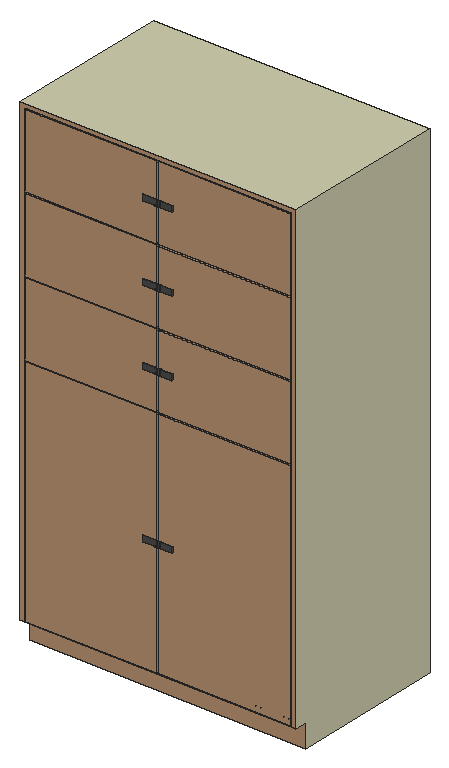
Revit family "Cabinet_Wenger_UltraStor_36", category Furniture, Revit 2015
Parameters (values of type "UltraStor Cabinet #36 - Comp Wood Doors")
  URL = "https://www.wengercorp.com/"
  Type Comments = ""
  Specification = "http://www.arcat.com/sdspecs/htm04/12_35_83wen.htm"
  Shelf Thickness = 0' - 1 1/8"
  Sales Information = "https://www.wengercorp.com/contact-us.php"
  Revision = "R1_2018-04"
  Rear Panel Thickness = 0' - 0 3/4"
  Product Data = "http://www.arcat.com/arcatcos/cos36/arc36487.html"
  Manufacturer Website = "https://www.wengercorp.com/"
  Manufacturer Phone - Toll Free = "800-4WENGER"
  Manufacturer Phone = "(507) 455-4100"
  Manufacturer Fax = "(507) 455-4258"
  Manufacturer Address = "555 Park Dr., Owatonna, MN 55060"
  Keynote = "12 35 83"
  HasDoors = yes
  Green Building-LEED = "http://www.arcat.com/green/clients/leed_data_36487.html"
  Drawn By = "Sumex Design, Inc. / Robert S. Weygant, CSI, CDT, SCIP"
  Door Width = (Cabinet Width - 0' 1 5/8") / 2  # 1' - 11 7/16"
  Door Style = Door_Base : Solid Door
  Door Material [instance] = Wenger Cherry (Use Cherry Edge Band Only)
  Door Height = 1' - 1 1/4"
  Toe Kick Material [instance] = Wenger Cherry (Use Cherry Edge Band Only)
  RH End Panel [instance] = no
  Model = "#36"
  Manufacturer = "Wenger Corporation"
  LH End Panel [instance] = no
  End Panel Material [instance] = Wenger Cherry (Use Cherry Edge Band Only)
  Edge Banding Material [instance] = Wenger Cherry (Use Cherry Edge Band Only)
  Cost = 0
  Copyright = "© 2018 Arcat Inc."
  Construction Details = "http://www.arcat.com/details/wengerco/wengerco.html?coid=36487"
  Body Material [instance] = Wenger - Oyster
  Description = "Wenger UltraStor Cabinet #36 - Comp Wood Doors"
  Cabinet Width = 4' - 0 1/2"
  Cabinet Height = 7' - 1 5/8"
  Installed Depth = 2' - 5 1/4"
  Cabinet Panel Thickness = 0' - 0 3/4"
  Assembly Code = "E2010200"
Types (4): name | HasDoors | Door Style | Door Material | Description
  UltraStor Cabinet #36 - No Doors | no | Door_Base : Solid Door | none | "Wenger UltraStor Cabinet #36 - No Doors"
  UltraStor Cabinet #36 - Comp Wood Doors | yes | Door_Base : Solid Door | Wenger Cherry (Use Cherry Edge Band Only) | "Wenger UltraStor Cabinet #36 - Comp Wood Doors"
  UltraStor Cabinet #36 - Comp Grille Doors | yes | Door_Base : Bars | Painted Black | "Wenger UltraStor Cabinet #36 - Comp Grille Doors"
  UltraStor Cabinet #36 - Comp Waterfall Grille Doors | yes | Door_Base : Waterfall | Painted Black | "Wenger UltraStor Cabinet #36 - Comp Waterfall Grille Doors"
Reference planes (in)
  plane 1 "Front": y = 0
  plane 2: z = 0
  plane 3 "Left": x = 0
  plane 4 "Right": x = 48.5
  plane 5 "Back": y = 29.25
  plane 6 "Top": z = 85.625
  plane 7: z = 4
  plane 8: z = 45.125
  plane 9: z = 58.375
  plane 10: z = 71.625
  plane 11: x = 0.75
  plane 12: x = 47.75
  plane 13: z = 84.875
  plane 14: x = 24.1875
  plane 15: x = 23.5625
  plane 16: x = 24.3125
  plane 17: y = 28.5
  plane 18: y = 2
  plane 19: y = 0.75
  plane 20: z = 46.25
  plane 21: z = 59.5
  plane 22: z = 72.75
  plane 23: z = 5.125
Forms (in)
  Extrusion 1, solid, material "Wenger - Oyster" <- "Body Material"
    sketch origin (0, 0, 0) x (0, 1, 0) y (0, 0, 1)
      loop
        line (0, 85.625) -> (0, 4) -> (2, 4) -> (2, 0) -> (29.25, 0) -> (29.25, 85.625) -> (0, 85.625)
    from 0 to 48.5
  Extrusion 2, void
    sketch origin (0, 0, 0) x (0, 1, 0) y (0, 0, 1)
      loop
        line (0, 84.875) -> (0, 45.125) -> (0.75, 45.125)
        arc (0.75, 45.125) -> (1.15915, 45.92734) -> (2, 46.25) r 1.25694
        line (2, 46.25) -> (28.5, 46.25) -> (28.5, 58.375) -> (0.75, 58.375)
        arc (0.75, 58.375) -> (1.15915, 59.17734) -> (2, 59.5) r 1.25694
        line (2, 59.5) -> (28.5, 59.5) -> (28.5, 71.625) -> (0.75, 71.625)
        arc (0.75, 71.625) -> (1.15915, 72.42734) -> (2, 72.75) r 1.25694
        line (2, 72.75) -> (28.5, 72.75) -> (28.5, 84.875) -> (0, 84.875)
    from 0.75 to 47.75
  Extrusion 3, void
    sketch origin (0, 0, 0) x (0, 1, 0) y (0, 0, 1)
      loop
        line (0, 84.875) -> (0, 4) -> (0.0625, 4) -> (0.0625, 84.875) -> (0, 84.875)
    from 0.75 to 47.75
  Extrusion 4, void
    sketch origin (0, 0, 0) x (1, 0, 0) y (0, 0, 1)
      loop
        line (0.75, 45.125) -> (0.75, 5.125) -> (47.75, 5.125) -> (47.75, 45.125) -> (0.75, 45.125)
    from -28.5 to 0
  Extrusion 5, solid, material "Metal_Black", detail levels fine
    sketch origin (0, 0, 0) x (0, 1, 0) y (0, 0, 1)
      loop
        line (14.94401, 42.07141) -> (15.01823, 42.07141) -> (15.01823, 43.32141) -> (14.39951, 43.32141) -> (14.18051, 42.94209) -> (14.24479, 42.90498) -> (14.44236, 43.24719) -> (14.94401, 43.24719) -> (14.94401, 42.07141)
    from 0.75 to 47.75
Cuts and joins
  Extrusion 2, Extrusion 3, Extrusion 4 cuts Extrusion 1
Lines and regions (in)
  Masking region 1
    outline origin (0, 0, 0) x (1, 0, 0) y (0, 1, 0)
      loop
        line (0, 29.25) -> (0, 0) -> (48.5, 0) -> (48.5, 29.25) -> (0, 29.25)
Dimensions and locks (in)
  "Cabinet Panel Thickness": plane 3 "Left" to plane 11
  "Cabinet Panel Thickness": plane 12 to plane 4 "Right"
  "Cabinet Panel Thickness": plane 5 "Back" to plane 17
  locked: plane 1 "Front" to plane 19 at 0.75
  locked: plane 1 "Front" to plane 18 at 2
  "Shelf Thickness": plane 20 to plane 8
  "Shelf Thickness": plane 21 to plane 9
  "Shelf Thickness": plane 22 to plane 10
  "Cabinet Panel Thickness": plane 6 "Top" to plane 13
  equal spacing: plane 13, plane 10, plane 9, plane 8
  "Shelf Thickness": plane 23 to plane 7
  "Cabinet Width": plane 3 "Left" to plane 4 "Right"
  locked: plane 7 to level at 4
  "Cabinet Height": plane 6 "Top" to level
  "Installed Depth": plane 1 "Front" to plane 5 "Back"
  "Door Width": plane 14 to plane 11
  "Door Width": plane 12 to plane 16
  plane 3 "Left" to plane 4 "Right" = 4' - 0 1/2"
  locked: plane 16 to plane 15 at 0.75
  equal spacing: plane 3 "Left", nested 2, plane 4 "Right"
  equal spacing: plane 5 "Back", nested 2, plane 1 "Front"
  aligned and locked: Extrusion 1 sketch curve to plane 6 "Top"
  aligned and locked: Extrusion 1 sketch curve to plane 5 "Back"
  aligned and locked: Extrusion 1 sketch curve to plane 1 "Front"
  aligned and locked: Extrusion 1 sketch curve to plane 7
  aligned and locked: Extrusion 1 sketch curve to plane 18
  aligned and locked: Extrusion 1 sketch curve to level
  aligned and locked: Extrusion 1 to plane 4 "Right"
  aligned and locked: Extrusion 1 to plane 3 "Left"
  aligned and locked: Extrusion 2 sketch curve to plane 13
  aligned and locked: Extrusion 2 sketch curve to plane 17
  aligned and locked: Extrusion 2 sketch curve to plane 10
  aligned and locked: Extrusion 2 sketch curve to plane 21
  aligned and locked: Extrusion 2 sketch curve to plane 9
  aligned and locked: Extrusion 2 sketch curve to plane 20
  aligned and locked: Extrusion 2 sketch curve to plane 8
  aligned and locked: Extrusion 2 sketch curve to plane 22
  aligned and locked: Extrusion 2 to plane 11
  aligned and locked: Extrusion 3 sketch curve to cut or joined group of Extrusion 1, Extrusion 2, Extrusion 3, Extrusion 4  (x3)
  aligned and locked: Extrusion 3 to plane 12
  aligned and locked: Extrusion 3 to plane 11
  aligned and locked: nested 3 to plane 11
  aligned and locked: nested 3 to plane 10
  aligned and locked: cut or joined group of Extrusion 1, Extrusion 2, Extrusion 3, Extrusion 4 to plane 10
  aligned and locked: nested 4 to plane 9
  aligned and locked: nested 5 to plane 8
  aligned and locked: nested 4 to plane 11
  aligned and locked: nested 5 to plane 11
  aligned and locked: nested 6 to plane 11
  aligned and locked: plane 7 to cut or joined group of Extrusion 1, Extrusion 2, Extrusion 3, Extrusion 4
  aligned and locked: nested 6 to plane 7
  aligned and locked: plane 1 "Front" to nested 7
  aligned and locked: nested 7 to level
  aligned and locked: nested 7 to plane 4 "Right"
  aligned and locked: Masking region 1 sketch curve to plane 5 "Back"
  aligned and locked: Masking region 1 sketch curve to plane 1 "Front"
  aligned and locked: plane 3 "Left" to Masking region 1 sketch curve
  aligned and locked: plane 4 "Right" to Masking region 1 sketch curve
  aligned and locked: plane 8 to nested 6
  aligned and locked: Extrusion 4 sketch curve to nested 6  (x2)
  aligned and locked: Extrusion 4 sketch curve to plane 23
  aligned and locked: plane 12 to Extrusion 4 sketch curve
  aligned and locked: plane 17 to Extrusion 4
  aligned and locked: plane 1 "Front" to Extrusion 4
  aligned and locked: cut or joined group of Extrusion 1, Extrusion 2, Extrusion 3, Extrusion 4 to plane 12
  aligned and locked: plane 18 to Extrusion 2 sketch curve  (x3)
  aligned and locked: plane 19 to Extrusion 2 sketch curve  (x3)
  aligned and locked: plane 1 "Front" to Extrusion 2 sketch curve
  aligned and locked: plane 17 to Extrusion 2 sketch curve  (x2)
  aligned and locked: Extrusion 5 to plane 12
  aligned and locked: Extrusion 5 to plane 11
  aligned and locked: nested 11 to plane 10
  aligned and locked: nested 11 to plane 12
  aligned and locked: nested 10 to plane 9
  aligned and locked: nested 10 to plane 12
  aligned and locked: nested 9 to plane 12
  aligned and locked: nested 9 to plane 8
  aligned and locked: nested 8 to plane 12
  aligned and locked: nested 8 to plane 7
  aligned and locked: nested 8 to plane 8
Automatic sketch dimensions
  plane 19 to Extrusion 3 sketch curve = 0' - 0 11/16"
  Extrusion 5 sketch curve to plane 8 = 0' - 2.18291"
  Extrusion 5 sketch curve to plane 18 = 1' - 0.18051"
  Extrusion 5 sketch curve to plane 8 = 0' - 2.22002"
  Extrusion 5 sketch curve to Extrusion 5 sketch curve = 0' - 0.06428"
  Extrusion 5 sketch curve to plane 8 = 0' - 1.80359"
  Extrusion 5 sketch curve to Extrusion 5 sketch curve = 0' - 0.04285"
  Extrusion 5 sketch curve to Extrusion 5 sketch curve = 0' - 0.50165"
  Extrusion 5 sketch curve to Extrusion 5 sketch curve = 0' - 0 19/256"
  Extrusion 5 sketch curve to Extrusion 5 sketch curve = 0' - 0.83357"
Nested families (in)
  nested 1: "End Panel" at (0, 14.25, 0) x (0, -1, 0) z (0, 0, 1), End Panel Material <- "End Panel Material", visible <- "LH End Panel", Edge Banding Material <- "Edge Banding Material", type "End Panel"
    with End Panel Material Wenger Cherry (Use Cherry Edge Band Only), Edge Banding Material Wenger Cherry (Use Cherry Edge Band Only), End Panel Depth 2' - 5 1/4"
  nested 2: "Labels" at (24.25, 14.625, 0), type "Labels"
  nested 3: "Door_Base" at (12.46875, 0, 71.625) x (1, 0, 0) z (0, -1, 0), type <- "Door Style", Width <- "Door Width", visible <- "HasDoors", Height <- "Door Height", type "Solid Door", detail levels medium+fine
    with vBars 21, Width 1' - 11 7/16", ToeKick Height 0' - 4", MidBar no, Height 1' - 1 1/4", BarHt 1' - 0 3/4", 2HzBars no
  nested 4: "Door_Base" at (12.46875, 0, 58.375) x (1, 0, 0) z (0, -1, 0), type <- "Door Style", Width <- "Door Width", visible <- "HasDoors", Height <- "Door Height", type "Solid Door", detail levels medium+fine
    with vBars 21, Width 1' - 11 7/16", ToeKick Height 0' - 4", MidBar no, Height 1' - 1 1/4", BarHt 1' - 0 3/4", 2HzBars no
  nested 5: "Door_Base" at (12.46875, 0, 45.125) x (1, 0, 0) z (0, -1, 0), type <- "Door Style", Width <- "Door Width", visible <- "HasDoors", Height <- "Door Height", type "Solid Door", detail levels medium+fine
    with vBars 21, Width 1' - 11 7/16", ToeKick Height 0' - 4", MidBar no, Height 1' - 1 1/4", BarHt 1' - 0 3/4", 2HzBars no
  nested 6: "Door_Base" at (12.46875, 0, 4) x (1, 0, 0) z (0, -1, 0), type <- "Door Style", visible <- "HasDoors", Width <- "Door Width", type "Solid Door", detail levels medium+fine
    with vBars 21, Width 1' - 11 7/16", ToeKick Height 0' - 4", MidBar no, Height 3' - 5 1/8", BarHt 3' - 4 5/8", 2HzBars no
  nested 7: "End Panel" at (49.25, 14.25, 0) x (0, -1, 0) z (0, 0, 1), End Panel Material <- "End Panel Material", Edge Banding Material <- "Edge Banding Material", visible <- "RH End Panel", type "End Panel"
    with End Panel Material Wenger Cherry (Use Cherry Edge Band Only), Edge Banding Material Wenger Cherry (Use Cherry Edge Band Only), End Panel Depth 2' - 5 1/4"
  nested 8: "Door_Base" at (36.03125, 0, 45.125) x (-1, 0, 0) z (0, -1, 0), type <- "Door Style", Width <- "Door Width", visible <- "HasDoors", type "Solid Door"
    with vBars 21, Width 1' - 11 7/16", ToeKick Height 0' - 4", MidBar no, Height 3' - 5 1/8", BarHt 3' - 4 5/8", 2HzBars no
  nested 9: "Door_Base" at (36.03125, 0, 58.375) x (-1, 0, 0) z (0, -1, 0), type <- "Door Style", Width <- "Door Width", Height <- "Door Height", visible <- "HasDoors", type "Solid Door"
    with vBars 21, Width 1' - 11 7/16", ToeKick Height 0' - 4", MidBar no, Height 1' - 1 1/4", BarHt 1' - 0 3/4", 2HzBars no
  nested 10: "Door_Base" at (36.03125, 0, 71.625) x (-1, 0, 0) z (0, -1, 0), type <- "Door Style", Width <- "Door Width", Height <- "Door Height", visible <- "HasDoors", type "Solid Door"
    with vBars 21, Width 1' - 11 7/16", ToeKick Height 0' - 4", MidBar no, Height 1' - 1 1/4", BarHt 1' - 0 3/4", 2HzBars no
  nested 11: "Door_Base" at (36.03125, 0, 84.875) x (-1, 0, 0) z (0, -1, 0), type <- "Door Style", Width <- "Door Width", Height <- "Door Height", visible <- "HasDoors", type "Solid Door"
    with vBars 21, Width 1' - 11 7/16", ToeKick Height 0' - 4", MidBar no, Height 1' - 1 1/4", BarHt 1' - 0 3/4", 2HzBars no
Definition of nested family "End Panel"
  Parameters (values of type "End Panel")
    End Panel Material [instance] = none
    End Panel Height = 7' - 1 5/8"
    End Panel Depth = 1' - 9 3/4"
    Edge Banding Material [instance] = none
    Default Elevation = 4' - 0"
    Assembly Code = ""
  Reference planes (in)
    plane 1 "Center (Front/Back)": y = 0
    plane 2: z = 0
    plane 3 "Center (Left/Right)": x = 0
    plane 4: x = -15
    plane 5: x = 6.75
    plane 6: z = 4
    plane 7: x = 4.75
    plane 8: z = 85.625
    plane 9: y = -0.75
  Forms (in)
    Extrusion 1, solid, material <- "End Panel Material"
      sketch origin (0, 0, 0) x (1, 0, 0) y (0, 0, 1)
        loop
          line (-15, 85.625) -> (-15, 0) -> (4.75, 0) -> (4.75, 4) -> (6.75, 4) -> (6.75, 85.625) -> (-15, 85.625)
      from 0 to 0.75
  Lines and regions (in)
    Masking region 1, detail levels coarse+medium
      outline origin (0, 0, 0) x (1, 0, 0) y (0, 1, 0)
        loop
          line (-15, 0) -> (-15, -0.75) -> (6.75, -0.75) -> (6.75, 0) -> (-15, 0)
  Dimensions and locks (in)
    locked: plane 7 to plane 5 at 2
    locked: plane 6 to level at 4
    "End Panel Height": plane 8 to level
    "End Panel Depth": plane 5 to plane 4
    locked: plane 9 to plane 1 "Center (Front/Back)" at 0.75
    aligned and locked: plane 4 to Extrusion 1 sketch curve
    aligned and locked: level to Extrusion 1 sketch curve
    aligned and locked: plane 7 to Extrusion 1 sketch curve
    aligned and locked: plane 6 to Extrusion 1 sketch curve
    aligned and locked: Extrusion 1 sketch curve to plane 5
    aligned and locked: Extrusion 1 sketch curve to plane 8
    aligned and locked: Extrusion 1 to plane 9
    aligned and locked: Extrusion 1 to plane 1 "Center (Front/Back)"
    aligned and locked: plane 4 to Masking region 1 sketch curve
    aligned and locked: Masking region 1 sketch curve to plane 5
    aligned and locked: plane 1 "Center (Front/Back)" to Masking region 1 sketch curve
    aligned and locked: plane 9 to Masking region 1 sketch curve
Definition of nested family "Door_Base"
  Parameters (values of type "None")
    vBars [instance] = (Width - 0' 2") / 0' 1"  # 6
    Width [instance] = 0' - 8"
    ToeKick Height [instance] = 0' - 4"
    Thickness = 0' - 0 3/4"
    Solid Door = no
    Shelf Thickness = 0' - 0 3/4"
    Panel Thickness = 0' - 0 3/4"
    MidBar [instance] = and(Height < 1' 6", HasDoor, not(Solid Door))  # no
    Height [instance] = 1' - 2 5/8"
    HasDoor = no
    Edge Banding = none
    DoorGap = 0' - 0 1/8"
    Door Finish = none
    Depth = 2' - 0"
    Default Elevation = 4' - 0"
    Bars = no
    BarStyle = Bars : Waterfall
    BarHt [instance] = Height - 0' 0 1/2"  # 1' - 2 1/8"
    2HzBars [instance] = and(Height > 1' 6", not(Solid Door))  # no
  Types (4): name | Thickness | Solid Door | MidBar | HasDoor | Bars | BarStyle
    Solid Door | 0' - 0 3/4" | yes | no | yes | no | Bars : Waterfall
    Bars | 0' - 0 1/4" | no | yes | yes | yes | Bars : Straight
    Waterfall | 0' - 0 3/4" | no | yes | yes | yes | Bars : Waterfall
    None | 0' - 0 3/4" | no | no | no | no | Bars : Waterfall
  Reference planes (in)
    plane 1 "Center (Front/Back)": y = 0
    plane 2: z = 0
    plane 3 "Center (Left/Right)": x = 0
    plane 4: x = -4
    plane 5: y = 14.625
    plane 6: x = 4
    plane 7: z = -0.75
    plane 8: x = -3.875
    plane 9: x = 3.875
    plane 10: y = 0.125
    plane 11: y = 14.5
    plane 12: y = -0.75
    plane 13 "CL Elev": y = 7.3125
    plane 14: x = -3.75
    plane 15: x = 3.75
    plane 16 "BtmRail": y = 0.25
    plane 17: y = 14.375
    plane 18: z = -0.125
    plane 19: x = -2.75
    plane 20: x = 2.75
    plane 21: y = 9.66667
    plane 22: y = 4.95833
  Forms (in)
    Extrusion 1, solid, material <- "Door Finish", visible <- "Solid Door", detail levels medium+fine
      sketch origin (0, 0, 0) x (1, 0, 0) y (0, 1, 0)
        loop
          arc (-3.75, 14.5) -> (-3.83839, 14.46339) -> (-3.875, 14.375) r 0.125
          line (-3.875, 14.375) -> (-3.875, 0.25)
          arc (-3.875, 0.25) -> (-3.83839, 0.16161) -> (-3.75, 0.125) r 0.125
          line (-3.75, 0.125) -> (3.75, 0.125)
          arc (3.75, 0.125) -> (3.83839, 0.16161) -> (3.875, 0.25) r 0.125
          line (3.875, 0.25) -> (3.875, 14.375)
          arc (3.875, 14.375) -> (3.83839, 14.46339) -> (3.75, 14.5) r 0.125
          line (3.75, 14.5) -> (-3.75, 14.5)
      from 0 to -0.75
    Sweep 2, solid, material <- "Door Finish", visible <- "Bars", detail levels medium+fine
      path origin (0, 0, 0) x (1, 0, 0) y (0, 1, 0)
        loop
          arc (-3.125, 14.5) -> (-3.65533, 14.28033) -> (-3.875, 13.75) r 0.75
          line (-3.875, 13.75) -> (-3.875, 0.875)
          arc (-3.875, 0.875) -> (-3.65533, 0.34467) -> (-3.125, 0.125) r 0.75
          line (-3.125, 0.125) -> (3.125, 0.125)
          arc (3.125, 0.125) -> (3.65533, 0.34467) -> (3.875, 0.875) r 0.75
          line (3.875, 0.875) -> (3.875, 13.75)
          arc (3.875, 13.75) -> (3.65533, 14.28033) -> (3.125, 14.5) r 0.75
          line (3.125, 14.5) -> (-3.125, 14.5)
      profile origin (0, 14.5, 0) x (0, 1, 0) y (0, 0, 1)
        loop
          circle (-0.125, -0.125) r 0.125
    Extrusion 3, solid, material <- "Door Finish", visible <- "MidBar", detail levels medium+fine
      sketch origin (0, 0, 0) x (0, 1, 0) y (0, 0, 1)
        loop
          circle (7.3125, -0.125) r 0.125
      from -3.75 to 3.75
    Extrusion 4, solid, visible <- "HasDoor", detail levels fine
      sketch origin (0, 0, 0) x (1, 0, 0) y (0, 1, 0)
        loop
          line (1.5, 7.8125) -> (1.5, 6.8125) -> (4.5, 6.8125) -> (4.5, 7.8125) -> (1.5, 7.8125)
      from 0 to 0.125
    Extrusion 5, solid, material <- "Door Finish", visible <- "2HzBars", detail levels medium+fine
      sketch origin (0, 0, 0) x (0, 1, 0) y (0, 0, 1)
        loop
          circle (9.66667, -0.125) r 0.125
        loop
          circle (4.95833, -0.125) r 0.125
      from -3.75 to 3.75
  Lines and regions (in)
    symbolic lines, visible <- "HasDoor", detail levels medium+fine
      curve 1: line (4, 0.25, 0) -> (-4, 0.25, 0)
      curve 2: line (-4, 0.25, 0) -> (-4, 0.25, 8)
      curve 3: arc (4, 0.25, 0) -> (1.65685, 0.25, 5.65685) -> (-4, 0.25, 8) r 8
    symbolic lines, visible <- "HasDoor"
      curve 4: line (3.875, 0.25, 0) -> (3.875, 0.25, -0.75)
      curve 5: line (3.875, 0.25, -0.75) -> (-3.875, 0.25, -0.75)
      curve 6: line (-3.875, 0.25, -0.75) -> (-3.875, 0.25, 0)
    symbolic lines, detail levels medium
      curve 7: line (3.875, 14.5, 0) -> (-3.875, 7.3125, 0)
      curve 8: line (-3.875, 7.3125, 0) -> (3.875, 0.125, 0)
  Dimensions and locks (in)
    "Height": plane 1 "Center (Front/Back)" to plane 5
    "Thickness": level to plane 7
    equal spacing: plane 4, plane 3 "Center (Left/Right)", plane 6
    "Width": plane 4 to plane 6
    "DoorGap": plane 5 to plane 11
    "DoorGap": plane 9 to plane 6
    "DoorGap": plane 4 to plane 8
    "DoorGap": plane 1 "Center (Front/Back)" to plane 10
    "Shelf Thickness": plane 1 "Center (Front/Back)" to plane 12
    equal spacing: plane 1 "Center (Front/Back)", plane 13 "CL Elev", plane 5
    locked: plane 15 to plane 9 at 0.125
    locked: plane 8 to plane 14 at 0.125
    locked: plane 11 to plane 17 at 0.125
    locked: plane 16 "BtmRail" to plane 10 at 0.125
    locked: level to plane 18 at 0.125
    plane 19 to plane 14 = 0' - 1"
    locked: plane 15 to plane 20 at 1
    Extrusion 4 sketch curve to plane 13 "CL Elev" to Extrusion 4 sketch curve = 0' - 0 1/2" locked, 0' - 0 1/2" locked
    locked: plane 6 to Extrusion 4 sketch curve at 0.5
    locked: Extrusion 4 sketch curve to plane 6 at 2.5
    locked: Extrusion 4 to level at 0.125
    equal spacing: group 1, group 3, group 4, group 5, group 6, group 2  (x3)
    equal spacing: plane 17, plane 21, plane 22, plane 16 "BtmRail"
    "Width": radius of curve 3
    aligned and locked: plane 2 to level
    aligned and locked: Extrusion 1 sketch curve to plane 11
    aligned and locked: plane 8 to Extrusion 1 sketch curve
    aligned and locked: Extrusion 1 sketch curve to plane 9
    aligned and locked: plane 10 to Extrusion 1 sketch curve
    aligned and locked: Extrusion 1 to plane 7
    aligned and locked: level to Extrusion 1
    aligned and locked: Sweep 2 sketch curve to plane 11
    aligned and locked: plane 8 to Sweep 2 sketch curve
    aligned and locked: plane 10 to Sweep 2 sketch curve
    aligned and locked: Sweep 2 sketch curve to plane 9
    aligned and locked: plane 15 to Extrusion 3
    aligned and locked: Extrusion 3 to plane 14
    aligned and locked: plane 20 to nested 2
    aligned and locked: plane 19 to nested 1
    aligned and locked: plane 21 to Extrusion 5 sketch curve
    aligned and locked: plane 18 to Extrusion 5 sketch curve  (x2)
    aligned and locked: plane 22 to Extrusion 5 sketch curve
    aligned and locked: Extrusion 5 to Extrusion 3  (x2)
    aligned and locked: plane 4 to curve 3  (x2)
    aligned and locked: level to curve 3
    aligned and locked: plane 7 to curve 5
    aligned and locked: Extrusion 1 to plane 8
    aligned and locked: plane 9 to Extrusion 1
    aligned and locked: plane 10 to curve 8
    aligned and locked: plane 9 to curve 8
    aligned and locked: plane 13 "CL Elev" to curve 8
    aligned and locked: plane 11 to curve 7
    aligned and locked: plane 9 to curve 7
  Automatic sketch dimensions
    plane 8 to Sweep 2 sketch curve = 0' - 0 3/4"  (x2)
    Sweep 2 sketch curve to plane 9 = 0' - 0 3/4"
    Sweep 2 sketch curve to Sweep 2 sketch curve = 0' - 0 3/4"
    Sweep 2 sketch curve to level = 0' - 0 1/8"
    profile plane to Sweep 2 sketch curve = 0' - 0 1/8"
    Extrusion 3 sketch curve to level = 0' - 0 1/8"
    Extrusion 3 sketch curve to plane 13 "CL Elev" = 0' - 0"
    curve 8 to plane 8 = 0' - 0"
    Extrusion 1 sketch curve to plane 14 = 0' - 0"  (x2)
    Extrusion 1 sketch curve to plane 15 = 0' - 0"  (x2)
    curve 5 to plane 9 = 0' - 0"
    curve 6 to plane 8 = 0' - 0"
    radius of Sweep 2 sketch curve = 0' - 0 1/8"
    radius of Extrusion 3 sketch curve = 0' - 0 1/8"
    radius of Extrusion 5 sketch curve = 0' - 0 1/8"  (x2)
  Nested families (in)
    nested 1: "Bars" at (-2.75, 0.25, -0.125) x (1, 0, 0) z (0, 1, 0), type <- "BarStyle", visible <- "Bars", type "Waterfall", detail levels fine
      with Lateral Deviation 0' - 1", Height 1' - 2 1/8"
    nested 2: "Bars" at (2.75, 0.25, -0.125) x (1, 0, 0) z (0, 1, 0), type <- "BarStyle", visible <- "Bars", type "Waterfall", detail levels fine
      with Lateral Deviation 0' - 1", Height 1' - 2 1/8"
    nested 3: "Bars" at (-1.65, 0.25, -0.125) x (1, 0, 0) z (0, 1, 0), type <- "BarStyle", visible <- "Bars", type "Waterfall", detail levels fine
      with Lateral Deviation 0' - 1", Height 1' - 2 1/8"
    nested 4: "Bars" at (-0.55, 0.25, -0.125) x (1, 0, 0) z (0, 1, 0), type <- "BarStyle", visible <- "Bars", type "Waterfall", detail levels fine
      with Lateral Deviation 0' - 1", Height 1' - 2 1/8"
    nested 5: "Bars" at (0.55, 0.25, -0.125) x (1, 0, 0) z (0, 1, 0), type <- "BarStyle", visible <- "Bars", type "Waterfall", detail levels fine
      with Lateral Deviation 0' - 1", Height 1' - 2 1/8"
    nested 6: "Bars" at (1.65, 0.25, -0.125) x (1, 0, 0) z (0, 1, 0), type <- "BarStyle", visible <- "Bars", type "Waterfall", detail levels fine
      with Lateral Deviation 0' - 1", Height 1' - 2 1/8"
  Definition of nested family "Bars"
    Parameters (values of type "Straight")
      WaterFall = no
      Straight = yes
      Lateral Deviation = 0' - 1 1/2"
      Height = 1' - 2 5/8"
      Default Elevation = 4' - 0"
      Bars = none
    Types (3): name | WaterFall | Straight
      (no name) | no | yes
      Waterfall | yes | no
      Straight | no | yes
    Reference planes (in)
      plane 1 "Center (Front/Back)": y = 0
      plane 2: z = 0
      plane 3 "Center (Left/Right)": x = 0
      plane 4: z = 14.625
      plane 5: z = 7.3125
      plane 6: x = 0.75
      plane 7: x = -0.75
      plane 8: z = 10.96875
      plane 9: z = 3.65625
    Forms (in)
      Sweep 1, solid, material <- "Bars", visible <- "WaterFall"
        path origin (0, 0, 0) x (1, 0, 0) y (0, 0, 1)
          loop
            arc (0, 0) -> (0.56057, 1.79006) -> (0.75, 3.65625) r 9.28711
            arc (0.75, 3.65625) -> (0.56057, 5.52244) -> (0, 7.3125) r 9.28711
        profile origin (0.56057, 0, 1.79006) x (-0.979603, 0, 0.200944) y (0, -1, 0)
          loop
            circle (0, 0) r 0.0625
      Sweep 2, solid, material <- "Bars", visible <- "WaterFall"
        path origin (0, 0, 14.625) x (-1, 0, 0) y (0, 0, -1)
          loop
            arc (0, 0) -> (0.56057, 1.79006) -> (0.75, 3.65625) r 9.28711
            arc (0.75, 3.65625) -> (0.56057, 5.52244) -> (0, 7.3125) r 9.28711
        profile origin (-0.56057, 0, 12.83494) x (0.979603, 0, -0.200944) y (0, -1, 0)
          loop
            circle (0, 0) r 0.0625
      Extrusion 3, solid, material <- "Bars", visible <- "Straight"
        sketch origin (0, 0, 0) x (1, 0, 0) y (0, 1, 0)
          loop
            circle (0, 0) r 0.0625
        from 0 to 14.625
    Dimensions and locks (in)
      "Height": plane 4 to level
      equal spacing: plane 6, plane 3 "Center (Left/Right)", plane 7
      "Lateral Deviation": plane 6 to plane 7
      equal spacing: plane 4, plane 8, plane 5, plane 9, level
      aligned and locked: plane 2 to level
      aligned and locked: plane 3 "Center (Left/Right)" to Sweep 1 sketch curve  (x2)
      aligned and locked: level to Sweep 1 sketch curve
      aligned and locked: plane 6 to Sweep 1 sketch curve
      aligned and locked: plane 9 to Sweep 1 sketch curve
      aligned and locked: plane 4 to Sweep 2 sketch curve
      aligned and locked: plane 3 "Center (Left/Right)" to Sweep 2 sketch curve  (x2)
      aligned and locked: plane 8 to Sweep 2 sketch curve
      aligned and locked: plane 7 to Sweep 2 sketch curve
      aligned and locked: plane 5 to Sweep 2 sketch curve
      aligned and locked: plane 4 to Extrusion 3
      aligned and locked: Extrusion 3 to level
    Automatic sketch dimensions
      plane 1 "Center (Front/Back)" to Sweep 1 sketch curve = 0' - 0"
      Sweep 1 sketch curve to profile plane = 0' - 0"
      Sweep 1 sketch curve to Sweep 1 sketch curve = 0' - 0"
      Sweep 2 sketch curve to plane 1 "Center (Front/Back)" = 0' - 0"
      Sweep 2 sketch curve to profile plane = 0' - 0"
      plane 1 "Center (Front/Back)" to Extrusion 3 sketch curve = 0' - 0"
      Extrusion 3 sketch curve to plane 3 "Center (Left/Right)" = 0' - 0"
      radius of Sweep 1 sketch curve = 0' - 0 1/16"
      radius of Sweep 2 sketch curve = 0' - 0 1/16"
      radius of Extrusion 3 sketch curve = 0' - 0 1/16"
Definition of nested family "Labels"
  Parameters
    Cabinet Label = "01"
  Reference planes (in)
    plane 1: y = 0
    plane 2: x = 0
  Text (in)
    label "xxxx" at (-0.00018, 0.00754, 0), shows "Cabinet Label"
